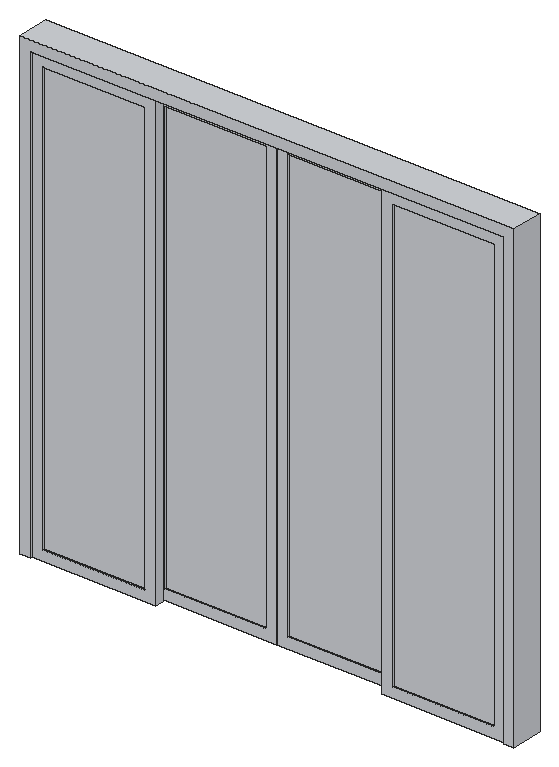
Revit family "Porta veneziana corrediça quádrupla sem revestimento", category Portas, Revit 2019
Family settings
  Hospedeiro = Parede
  Número OmniClass = 23.30.10.00
  Título OmniClass = Doors
  Sempre na vertical = Sim
  Corte com vazios quando carregada = Não
  Compartilhado = Não
  Ponto de cálculo do ambiente = Não
Parameters (values of type "2320 x 2180mm")
  Visual Light Transmittance = 0
  Espessura = Espessura da moldura do painel * 2 + 10 mm  # 90 mm
  Solar Heat Gain Coefficient = 0
  Rough Width = Width  # 2320 mm
  Rough Height = Height  # 2180 mm
  Largura da moldura do painel = 50 mm
  Espessura da moldura do painel = 40 mm
  ID do tipo de construção = ""
  Coeficiente de transferência de calor (U) = 3.7021 W/(m²·K)
  Largura do puxador = 40 mm
  Material do puxador = none
  Material do painel = none
  Altura do puxador = 200 mm
  Função = Exterior
  Largura da estrutura = 50 mm
  Height = 2180 mm
  Fechamento da parede = Por hospedeiro
  Width = 2320 mm
  Material da moldura = none
  Construção analítica = Metal
Types (5, lengths in mm): name | Rough Width | Width
  (no name) | 2320 | 2320
  2320 x 2180mm | 2320 | 2320
  2720 x 2180mm | 2720 | 2720
  3120 x 2180mm | 3120 | 3120
  3520 x 2180mm | 3520 | 3520
Reference planes
  plane 1: y = 0
  plane 2 "Centro (Esquerda/Direita)": x = 0
  plane 3 "Esquerda": x = -1160
  plane 4 "Direita": x = 1160
  plane 5: z = 2180
  plane 6 "Exterior": y = 75
  plane 7 "Interior": y = -75
  plane 8: x = -1110
  plane 9: x = -1060
  plane 10: x = 1060
  plane 11: x = 1110
  plane 12: y = -25
  plane 13: z = 0
  plane 14: z = 2130
  plane 15: z = 1065
  plane 16: x = 555
  plane 17: x = -555
  plane 18: z = 1100
  plane 19: y = -65
  plane 20: y = -15
  plane 21: y = 25
  plane 22: y = -45
  plane 23: y = 5
  plane 24: y = 17
  plane 25: y = -7
  plane 26: y = -33
  plane 27: y = -57
  plane 28: x = -580
  plane 29: x = -530
  plane 30: x = 580
  plane 31: x = 530
  plane 32: x = -50
  plane 33: x = 50
  plane 34: x = 290
  plane 35: x = -290
  plane 36: z = 2080
  plane 37: z = 50
  plane 38: z = 900
  plane 39: x = -25
  plane 40: x = 25
  plane 41: z = 1000
  plane 42: z = 800
  plane 43: x = 45
  plane 44: x = 5
  plane 45: x = -5
  plane 46: x = -45
  plane 47: z = 962
  plane 48: z = 838
  plane 49: x = 42
  plane 50: x = 8
  plane 51: x = -8
  plane 52: x = -42
  plane 53: x = 427.5
  plane 54: x = 152.5
  plane 55: through (427.5, 300, 1065) normal (0.5, 0, 0.866)
  plane 56: through (427.5, 300, 1065) normal (-0.5, 0, 0.866)
  plane 57: x = -427.5
  plane 58: x = -152.5
  plane 59: through (-427.5, 300, 1065) normal (0.5, 0, -0.866)
  plane 60: through (-427.5, 300, 1065) normal (-0.5, 0, -0.866)
Forms (mm)
  Sweep 1, solid, material <- "Material da moldura"
    path origin (0, 75, 0) x (1, 0, 0) y (0, 0, 1)
      loop
        line (1160, 0) -> (1160, 2180) -> (-1160, 2180) -> (-1160, 0)
    profile origin (1160, 75, 1090) x (-1, 0, 0) y (0, -1, 0)
      loop
        line (0, 0) -> (50, 0) -> (50, 150) -> (0, 150) -> (0, 0)
  Sweep 2, solid, material <- "Material da moldura"
    path origin (0, 75, 0) x (-1, 0, 0) y (0, 0, 1)
      loop
        line (0, 0) -> (580, 0) -> (580, 2130) -> (0, 2130) -> (0, 0)
    profile origin (0, 75, 1065) x (-1, 0, 0) y (0, -1, 0)
      loop
        line (50, 90) -> (0, 90) -> (0, 50) -> (50, 50) -> (50, 90)
  Extrusion 3, solid, material <- "Material do painel"
    sketch origin (0, 0, 0) x (-1, 0, 0) y (0, -1, 0)
      loop
        line (1060, 33) -> (1060, 57) -> (580, 57) -> (580, 33) -> (1060, 33)
      loop
        line (530, -17) -> (530, 7) -> (50, 7) -> (50, -17) -> (530, -17)
    from 50 to 2080
  Extrusion 4, solid, material <- "Material do painel"
    sketch origin (0, 0, 0) x (1, 0, 0) y (0, 1, 0)
      loop
        line (50, 17) -> (50, -7) -> (530, -7) -> (530, 17) -> (50, 17)
      loop
        line (580, -33) -> (580, -57) -> (1060, -57) -> (1060, -33) -> (580, -33)
    from 50 to 2080
  Sweep 5, solid, material <- "Material da moldura"
    path origin (0, 75, 100) x (1, 0, 0) y (0, 0, 1)
      loop
        line (1110, -100) -> (1110, 2030) -> (530, 2030) -> (530, -100) -> (1110, -100)
    profile origin (1110, 75, 1065) x (-1, 0, 0) y (0, -1, 0)
      loop
        line (50, 140) -> (0, 140) -> (0, 100) -> (50, 100) -> (50, 140)
  Sweep 6, solid, material <- "Material da moldura"
    path origin (0, 75, 100) x (-1, 0, 0) y (0, 0, 1)
      loop
        line (1110, -100) -> (1110, 2030) -> (530, 2030) -> (530, -100) -> (1110, -100)
    profile origin (-1110, 75, 1065) x (-1, 0, 0) y (0, -1, 0)
      loop
        line (0, 100) -> (0, 140) -> (-50, 140) -> (-50, 100) -> (0, 100)
  Sweep 7, solid, material <- "Material da moldura"
    path origin (0, 180, 0) x (1, 0, 0) y (0, 0, 1)
      loop
        line (0, 0) -> (580, 0) -> (580, 2130) -> (0, 2130) -> (0, 0)
    profile origin (0, 180, 1065) x (-1, 0, 0) y (0, -1, 0)
      loop
        line (0, 155) -> (0, 195) -> (-50, 195) -> (-50, 155) -> (0, 155)
  Extrusion 8, solid, material <- "Material do painel", detail levels medium+fine
    sketch origin (107.51, 280.074, 0) x (-1, 0, 0) y (0, -1, 0)
      loop
        line (1167.51, 313.074) -> (1167.51, 337.074) -> (687.51, 337.074) -> (687.51, 313.074) -> (1167.51, 313.074)
      loop
        line (637.51, 287.074) -> (157.51, 287.074) -> (157.51, 263.074) -> (637.51, 263.074) -> (637.51, 287.074)
    from 50 to 2080
  Extrusion 9, solid, material <- "Material do painel", detail levels medium+fine
    sketch origin (107.51, 280.074, 0) x (1, 0, 0) y (0, 1, 0)
      loop
        line (-57.51, -263.074) -> (-57.51, -287.074) -> (422.49, -287.074) -> (422.49, -263.074) -> (-57.51, -263.074)
      loop
        line (472.49, -337.074) -> (952.49, -337.074) -> (952.49, -313.074) -> (472.49, -313.074) -> (472.49, -337.074)
    from 50 to 2080
Lines and regions (mm)
  Opening 1
    outline origin (-3050, -75, 0) x (1, 0, 0) y (0, 0, 1)
      loop
        line (1890, 0) -> (4210, 0) -> (4210, 2180) -> (1890, 2180) -> (1890, 0)
  symbolic lines, style "Giro da elevação"
    curve 1: line (-580, 75, 2130) -> (0, 75, 0)
    curve 2: line (0, 75, 0) -> (580, 75, 2130)
    curve 3: line (580, 75, 0) -> (0, 75, 2130)
    curve 4: line (0, 75, 2130) -> (-580, 75, 0)
  symbolic lines, style "Seta"
    curve 5: line (152.5, 75, 1065) -> (427.5, 75, 1065)
    curve 6: line (427.5, 75, 1065) -> (349.558, 75, 1110)
    curve 7: line (427.5, 75, 1065) -> (349.558, 75, 1020)
    curve 8: line (-152.5, 75, 1065) -> (-427.5, 75, 1065)
    curve 9: line (-427.5, 75, 1065) -> (-349.558, 75, 1110)
    curve 10: line (-427.5, 75, 1065) -> (-349.558, 75, 1020)
Text (mm)
  text "Externo" at (-2295.016, 1099.543, 0), in view "Nível de referência"
  text "Externo" at (0, 1615.38, 3698.081), in view "Esquerda"
  text "Externo" at (0, 1036.032, 3874.932), in view "Direita"
Dimensions and locks
  equal spacing: plane 3 "Esquerda", plane 2 "Centro (Esquerda/Direita)", plane 4 "Direita"
  "Width": plane 3 "Esquerda" to plane 4 "Direita"
  "Height": host wall to plane 5
  host wall to plane 5 = 2180 mm
  locked: plane 6 "Exterior" to host wall at 0
  locked: plane 7 "Interior" to host wall
  "Largura da estrutura": plane 3 "Esquerda" to plane 8
  "Largura da estrutura": plane 11 to plane 4 "Direita"
  "Largura da moldura do painel": plane 8 to plane 9
  "Largura da moldura do painel": plane 10 to plane 11
  "Largura da estrutura": plane 14 to plane 5
  equal spacing: plane 31, plane 16, plane 30
  equal spacing: plane 28, plane 17, plane 29
  "Largura da moldura do painel": plane 28 to plane 29
  "Largura da moldura do painel": plane 31 to plane 30
  "Largura da moldura do painel": plane 32 to plane 2 "Centro (Esquerda/Direita)"
  "Largura da moldura do painel": plane 2 "Centro (Esquerda/Direita)" to plane 33
  equal spacing: plane 2 "Centro (Esquerda/Direita)", plane 16, plane 11
  equal spacing: plane 8, plane 17, plane 2 "Centro (Esquerda/Direita)"
  equal spacing: plane 30, plane 34, plane 2 "Centro (Esquerda/Direita)"
  equal spacing: plane 2 "Centro (Esquerda/Direita)", plane 35, plane 28
  locked: plane 20 to plane 12 at 10
  "Espessura da moldura do painel": plane 12 to plane 19
  equal spacing: plane 12, plane 22, plane 19
  plane 26 to plane 22 to plane 27 = 12 mm locked, 12 mm locked
  locked: plane 19 to plane 7 "Interior" at 10
  "Espessura da moldura do painel": plane 21 to plane 20
  equal spacing: plane 21, plane 23, plane 20
  plane 24 to plane 23 to plane 25 = 12 mm locked, 12 mm locked
  "Largura da moldura do painel": plane 14 to plane 36
  "Largura da moldura do painel": plane 13 to plane 37
  equal spacing: plane 37, plane 15, plane 36
  locked: plane 13 to plane 38 at 900
  equal spacing: plane 32, plane 39, plane 2 "Centro (Esquerda/Direita)"
  equal spacing: plane 2 "Centro (Esquerda/Direita)", plane 40, plane 33
  equal spacing: plane 42, plane 38, plane 41
  "Altura do puxador": plane 42 to plane 41
  equal spacing: plane 46, plane 39, plane 45
  equal spacing: plane 44, plane 40, plane 43
  "Largura do puxador": plane 44 to plane 43
  "Largura do puxador": plane 46 to plane 45
  locked: plane 47 to plane 41 at 38
  locked: plane 42 to plane 48 at 38
  locked: plane 49 to plane 43 at 3
  locked: plane 44 to plane 50 at 3
  locked: plane 51 to plane 45 at 3
  locked: plane 46 to plane 52 at 3
  equal spacing: plane 54, plane 34, plane 53
  locked: plane 54 to plane 53 at 275
  locked: curve 6 to curve 7 at 90
  locked: curve 7 to curve 7 at 90
  equal spacing: plane 58, plane 35, plane 57
  locked: plane 58 to plane 57 at 275
  locked: curve 9 to curve 10 at 90
  locked: curve 10 to curve 10 at 90
  locked: plane 15 to plane 55 (angle 30.00°)
  locked: plane 56 to plane 15 (angle 30.00°)
  locked: plane 59 to plane 15 (angle 30.00°)
  locked: plane 15 to plane 60 (angle 30.00°)
  aligned and locked: plane 3 "Esquerda" to Opening 1 sketch curve
  aligned and locked: plane 5 to Opening 1 sketch curve  (x2)
  aligned and locked: Opening 1 sketch curve to plane 4 "Direita"
  aligned and locked: Opening 1 sketch curve to level
  aligned and locked: plane 1 to host wall
  aligned and locked: plane 13 to level
  aligned and locked: Sweep 1 sketch curve to plane 3 "Esquerda"
  aligned and locked: plane 5 to Sweep 1 sketch curve
  aligned and locked: plane 4 "Direita" to Sweep 1 sketch curve
  aligned and locked: Sweep 1 sketch curve to profile plane
  aligned and locked: Sweep 1 sketch curve to host wall
  aligned and locked: host wall to Sweep 1 sketch curve
  aligned and locked: Sweep 1 sketch curve to plane 11
  aligned and locked: Sweep 2 sketch curve to plane 14
  aligned and locked: plane 13 to Sweep 2 sketch curve
  aligned and locked: plane 9 to Extrusion 3 sketch curve
  aligned and locked: Extrusion 3 sketch curve to plane 24
  aligned and locked: plane 25 to Extrusion 3 sketch curve
  aligned and locked: Extrusion 3 sketch curve to plane 26
  aligned and locked: plane 27 to Extrusion 3 sketch curve
  aligned and locked: Extrusion 3 sketch curve to plane 28
  aligned and locked: plane 28 to Sweep 2 sketch curve
  aligned and locked: Sweep 2 sketch curve to plane 2 "Centro (Esquerda/Direita)"
  aligned and locked: Sweep 2 sketch curve to plane 20
  aligned and locked: Sweep 2 sketch curve to plane 32
  aligned and locked: plane 21 to Sweep 2 sketch curve
  aligned and locked: profile plane to Sweep 2 sketch curve
  aligned and locked: plane 29 to Extrusion 3 sketch curve
  aligned and locked: Extrusion 3 sketch curve to plane 32
  aligned and locked: profile plane to Sweep 5 sketch curve
  aligned and locked: plane 14 to curve 1
  aligned and locked: plane 28 to curve 1
  aligned and locked: plane 14 to curve 4
  aligned and locked: plane 14 to curve 2
  aligned and locked: plane 2 "Centro (Esquerda/Direita)" to curve 4
  aligned and locked: plane 30 to curve 2
  aligned and locked: plane 13 to curve 4
  aligned and locked: plane 28 to curve 4
  aligned and locked: plane 2 "Centro (Esquerda/Direita)" to curve 2
  aligned and locked: plane 13 to curve 2
  aligned and locked: plane 30 to curve 3
  aligned and locked: Sweep 5 sketch curve to plane 10
  aligned and locked: plane 19 to Sweep 5 sketch curve
  aligned and locked: Sweep 5 sketch curve to plane 12
  aligned and locked: plane 33 to Extrusion 4 sketch curve
  aligned and locked: Extrusion 4 sketch curve to plane 31
  aligned and locked: Extrusion 4 sketch curve to plane 26
  aligned and locked: plane 30 to Extrusion 4 sketch curve
  aligned and locked: Extrusion 4 sketch curve to plane 27
  aligned and locked: Extrusion 4 sketch curve to plane 10
  aligned and locked: Sweep 5 sketch curve to plane 14
  aligned and locked: plane 13 to Sweep 5 sketch curve
  aligned and locked: plane 36 to Extrusion 3
  aligned and locked: plane 36 to Extrusion 4
  aligned and locked: plane 13 to Sweep 1 sketch curve  (x2)
  aligned and locked: plane 14 to Sweep 6 sketch curve
  aligned and locked: Sweep 6 sketch curve to plane 8
  aligned and locked: plane 29 to Sweep 6 sketch curve
  aligned and locked: Sweep 6 sketch curve to plane 13
  aligned and locked: Sweep 6 sketch curve to plane 12
  aligned and locked: profile plane to Sweep 6 sketch curve
  aligned and locked: Extrusion 3 to plane 36  (x4)
  aligned and locked: Extrusion 4 to plane 36  (x4)
  aligned and locked: Extrusion 3 to plane 37
  aligned and locked: Extrusion 4 to plane 37
  aligned and locked: plane 39 to nested 1
  aligned and locked: plane 40 to nested 2
  aligned and locked: nested 2 to plane 21
  aligned and locked: nested 1 to plane 21
  aligned and locked: plane 38 to nested 1
  aligned and locked: plane 38 to nested 2
  aligned and locked: plane 14 to Sweep 7 sketch curve
  aligned and locked: plane 30 to Sweep 7 sketch curve
  aligned and locked: Sweep 7 sketch curve to plane 2 "Centro (Esquerda/Direita)"
  aligned and locked: Sweep 7 sketch curve to plane 13
  aligned and locked: plane 2 "Centro (Esquerda/Direita)" to Sweep 7 sketch curve
  aligned and locked: Sweep 7 sketch curve to plane 33
  aligned and locked: plane 20 to Sweep 7 sketch curve
  aligned and locked: Sweep 7 sketch curve to plane 21
  aligned and locked: Sweep 6 to plane 19
  aligned and locked: plane 19 to Sweep 6 sketch curve
  aligned and locked: plane 15 to curve 5
  aligned and locked: curve 6 to plane 55
  aligned and locked: curve 7 to plane 56
  aligned and locked: curve 8 to plane 15
  aligned and locked: curve 9 to plane 59
  aligned and locked: curve 10 to plane 60
  aligned and locked: Extrusion 9 sketch curve to plane 24
  aligned and locked: plane 25 to Extrusion 9 sketch curve
  aligned and locked: plane 26 to Extrusion 9 sketch curve
  aligned and locked: plane 27 to Extrusion 9 sketch curve
  aligned and locked: Extrusion 9 sketch curve to plane 30
  aligned and locked: plane 10 to Extrusion 9 sketch curve
  aligned and locked: Extrusion 9 sketch curve to plane 31
  aligned and locked: plane 33 to Extrusion 9 sketch curve
  aligned and locked: plane 29 to Extrusion 8 sketch curve
  aligned and locked: Extrusion 8 sketch curve to plane 28
  aligned and locked: plane 24 to Extrusion 8 sketch curve
  aligned and locked: Extrusion 8 sketch curve to plane 25
  aligned and locked: plane 32 to Extrusion 8 sketch curve
  aligned and locked: Extrusion 8 sketch curve to plane 26
  aligned and locked: plane 27 to Extrusion 8 sketch curve
  aligned and locked: plane 9 to Extrusion 8 sketch curve
  aligned and locked: plane 36 to Extrusion 8
  aligned and locked: Extrusion 8 to plane 37
  aligned and locked: plane 37 to Extrusion 3  (x2)
  aligned and locked: plane 36 to Extrusion 9
  aligned and locked: Extrusion 9 to plane 37
  aligned and locked: plane 37 to Extrusion 4  (x2)
Automatic sketch dimensions
  curve 8 to plane 58 = 0 mm
  plane 54 to curve 5 = 0 mm
  curve 3 to level = 0 mm
  Extrusion 4 sketch curve to plane 25 = 0 mm
  Extrusion 4 sketch curve to plane 24 = 0 mm
  Sweep 5 sketch curve to plane 31 = 0 mm
  Sweep 5 sketch curve to plane 11 = 0 mm
  profile plane to Sweep 6 sketch curve = 50 mm
Nested families
  nested 1: "Maçaneta da porta 3" at (-25, 25, 900), type "Maçaneta da porta 3", detail levels fine
  nested 2: "Maçaneta da porta 3" at (25, 25, 900), type "Maçaneta da porta 3", detail levels fine
Definition of nested family "Maçaneta da porta 3"
  Parameters
    Width = 40 mm
    Thickness = 3 mm
    Rough Width = Width  # 40 mm
    Rough Height = Height  # 200 mm
    Height = 200 mm
    Material do puxador = none
  Reference planes
    plane 1 "Centro (Frente/Trás)": y = 0
    plane 2: z = 0
    plane 3 "Centro (Esquerda/Direita)": x = 0
    plane 4: x = -20
    plane 5: x = 20
    plane 6: y = 3
    plane 7: z = 100
    plane 8: z = -100
    plane 9: y = -10
    plane 10: x = 15
    plane 11: x = -15
    plane 12: z = 60
    plane 13: z = -60
    plane 14: z = 85
    plane 15: z = -85
    plane 16: z = 62
    plane 17: x = 17
    plane 18: x = -17
    plane 19: z = -62
    plane 20: y = -8
    plane 21: y = -15
  Forms (mm)
    Extrusion 1, solid, material <- "Material do puxador"
      sketch origin (0, 0, 0) x (1, 0, 0) y (0, 0, 1)
        loop
          line (10, 100) -> (-10, 100)
          arc (-10, 100) -> (-17.071, 97.071) -> (-20, 90) r 10
          line (-20, 90) -> (-20, -90)
          arc (-20, -90) -> (-17.071, -97.071) -> (-10, -100) r 10
          line (-10, -100) -> (10, -100)
          arc (10, -100) -> (17.071, -97.071) -> (20, -90) r 10
          line (20, -90) -> (20, 90)
          arc (20, 90) -> (17.071, 97.071) -> (10, 100) r 10
        loop
          line (10, 60) -> (-10, 60)
          arc (-10, 60) -> (-13.536, 58.536) -> (-15, 55) r 5
          line (-15, 55) -> (-15, -55)
          arc (-15, -55) -> (-13.536, -58.536) -> (-10, -60) r 5
          line (-10, -60) -> (10, -60)
          arc (10, -60) -> (13.536, -58.536) -> (15, -55) r 5
          line (15, -55) -> (15, 55)
          arc (15, 55) -> (13.536, 58.536) -> (10, 60) r 5
        loop
          circle (0, 85) r 5
        loop
          circle (0, -85) r 5
      from -3 to 0
    Extrusion 2, solid, material <- "Material do puxador"
      sketch origin (0, 0, 0) x (1, 0, 0) y (0, 0, 1)
        loop
          arc (-10, 60) -> (-13.536, 58.536) -> (-15, 55) r 5
          line (-15, 55) -> (-15, -55)
          arc (-15, -55) -> (-13.536, -58.536) -> (-10, -60) r 5
          line (-10, -60) -> (10, -60)
          arc (10, -60) -> (13.536, -58.536) -> (15, -55) r 5
          line (15, -55) -> (15, 55)
          arc (15, 55) -> (13.536, 58.536) -> (10, 60) r 5
          line (10, 60) -> (-10, 60)
        loop
          arc (-10, 62) -> (-14.95, 59.95) -> (-17, 55) r 7
          line (-17, 55) -> (-17, -55)
          arc (-17, -55) -> (-14.95, -59.95) -> (-10, -62) r 7
          line (-10, -62) -> (10, -62)
          arc (10, -62) -> (14.95, -59.95) -> (17, -55) r 7
          line (17, -55) -> (17, 55)
          arc (17, 55) -> (14.95, 59.95) -> (10, 62) r 7
          line (10, 62) -> (-10, 62)
      from 0 to 10
    Extrusion 3, solid, material <- "Material do puxador"
      sketch origin (0, 0, 0) x (1, 0, 0) y (0, 0, 1)
        loop
          arc (-10, 60) -> (-13.536, 58.536) -> (-15, 55) r 5
          line (-15, 55) -> (-15, -55)
          arc (-15, -55) -> (-13.536, -58.536) -> (-10, -60) r 5
          line (-10, -60) -> (10, -60)
          arc (10, -60) -> (13.536, -58.536) -> (15, -55) r 5
          line (15, -55) -> (15, 55)
          arc (15, 55) -> (13.536, 58.536) -> (10, 60) r 5
          line (10, 60) -> (-10, 60)
      from 8 to 10
    Extrusion 4, void
      sketch origin (0, 0, 0) x (1, 0, 0) y (0, 0, 1)
        loop
          line (-17, 62) -> (-17, -62) -> (17, -62) -> (17, 62) -> (-17, 62)
      from 0 to 15
  Cuts and joins
    Extrusion 4 cuts Extrusion 1
    Extrusion 4 cuts Extrusion 2
    Extrusion 4 cuts Extrusion 3
    joined: Extrusion 1, Extrusion 2, Extrusion 3
  Dimensions and locks
    equal spacing: plane 4, plane 3 "Centro (Esquerda/Direita)", plane 5
    "Thickness": plane 6 to plane 1 "Centro (Frente/Trás)"
    "Width": plane 4 to plane 5
    equal spacing: plane 7, plane 2, plane 8
    "Height": plane 7 to plane 8
    locked: plane 10 to plane 5 at 5
    locked: plane 4 to plane 11 at 5
    locked: plane 8 to plane 13 at 40
    locked: plane 12 to plane 7 at 40
    locked: plane 14 to plane 7 at 15
    locked: plane 8 to plane 15 at 15
    locked: plane 9 to cut or joined group of Extrusion 1, Extrusion 2, Extrusion 3, Extrusion 4 at 10
    locked: plane 18 to plane 11 at 2
    locked: plane 19 to plane 13 at 2
    locked: plane 12 to plane 16 at 2
    locked: plane 10 to plane 17 at 2
    locked: plane 20 to plane 9 at 2
    locked: plane 9 to plane 21 at 5
    radius of Extrusion 1 sketch curve = 10 mm  (x4)
    radius of Extrusion 1 sketch curve = 5 mm  (x6)
    radius of Extrusion 2 sketch curve = 7 mm  (x4)
    aligned and locked: level to plane 2
    aligned and locked: plane 7 to Extrusion 1 sketch curve
    aligned and locked: plane 5 to Extrusion 1 sketch curve
    aligned and locked: Extrusion 1 sketch curve to plane 8
    aligned and locked: Extrusion 1 sketch curve to plane 4
    aligned and locked: plane 12 to Extrusion 1 sketch curve
    aligned and locked: Extrusion 1 sketch curve to plane 10
    aligned and locked: Extrusion 1 sketch curve to plane 13
    aligned and locked: plane 11 to Extrusion 1 sketch curve
    aligned and locked: plane 6 to Extrusion 1
    aligned and locked: plane 1 "Centro (Frente/Trás)" to Extrusion 1
    aligned and locked: plane 14 to Extrusion 1 sketch curve
    aligned and locked: plane 3 "Centro (Esquerda/Direita)" to Extrusion 1 sketch curve  (x2)
    aligned and locked: plane 15 to Extrusion 1 sketch curve
    aligned and locked: Extrusion 2 sketch curve to Extrusion 1  (x4)
    aligned and locked: Extrusion 2 to plane 1 "Centro (Frente/Trás)"
    aligned and locked: Extrusion 2 to plane 9
    aligned and locked: plane 16 to Extrusion 2 sketch curve
    aligned and locked: Extrusion 2 sketch curve to plane 17
    aligned and locked: plane 19 to Extrusion 2 sketch curve
    aligned and locked: Extrusion 2 sketch curve to plane 18
    aligned and locked: Extrusion 3 sketch curve to cut or joined group of Extrusion 1, Extrusion 2, Extrusion 3, Extrusion 4  (x4)
    aligned and locked: plane 20 to Extrusion 3
    aligned and locked: Extrusion 3 to plane 9
    aligned and locked: Extrusion 4 sketch curve to plane 16
    aligned and locked: plane 18 to Extrusion 4 sketch curve
    aligned and locked: Extrusion 4 sketch curve to plane 19
    aligned and locked: plane 17 to Extrusion 4 sketch curve
    aligned and locked: Extrusion 4 to plane 1 "Centro (Frente/Trás)"
    aligned and locked: Extrusion 4 to plane 21
  Automatic sketch dimensions
    Extrusion 1 sketch curve to plane 4 = 0 mm
    Extrusion 1 sketch curve to plane 5 = 0 mm
